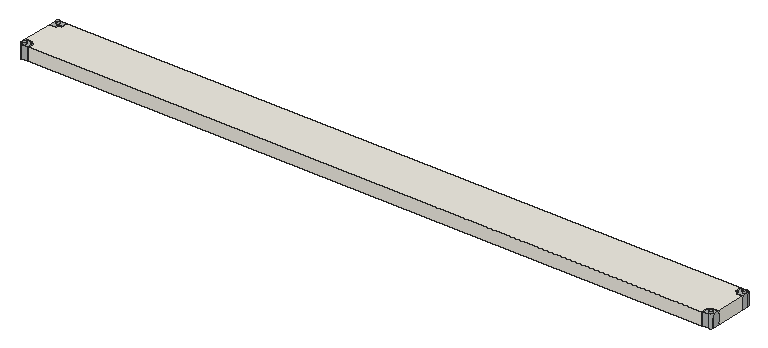
Revit family "HIGHTECH", category Осветительные приборы, Revit 2019 (continued)
Types (32, lengths in mm): name | Файл фотометрической сетки | built-in parameter 1150105 | Lumens | built-in parameter 1150106 | built-in parameter 1150142 | Wattage | Emit from Rectangle Width | Emit from Rectangle Length | Длина | Ширина | ADSK_Ток | ADSK_Полная мощность | ADSK_Обозначение | ADSK_Номинальная мощность | ADSK_Наименование | ADSK_Масса | ADSK_Код изделия
    395 0.395 0.395 0.395 0.395 0.296 0.296 0.296 0.296 0.296 0.296 0.296 0.296 0.197 \r\n0.197 0.197 0.197 0.197 0.197 0.197 0.197 0.098 0.098 0.098 0.098 0.098 0.098 0.098 0.098 0.000 0.000 0.000 0.000 \r\n1417.637 1418.229 1415.861 1411.421 1404.415 1394.746 1382.512 1367.219 1349.656 1329.626 1307.821 1283.549 1257.403 1229.579 1199.782 1168.209 1135.155 1100.523 \r\n1064.708 1027.609 989.425 950.057 909.998 868.855 827.317 784.989 742.365 699.347 655.538 611.928 568.021 523.622 480.110 436.006 392.100 348.884 306.556 265.017 224.860 185.591 \r\n146.026 110.605 77.157 45.781 17.464 0.592 0.592 0.493 0.493 0.493 0.493 0.493 0.493 0.493 0.493 0.395 0.395 0.395 0.395 0.395 0.395 0.395 0.395 0.296 0.296 0.296 0.296 0.296 0.296 0.296 0.296 0.197 \r\n0.197 0.197 0.197 0.197 0.197 0.197 0.197 0.098 0.098 0.098 0.098 0.098 0.098 0.098 0.098 0.000 0.000 0.000 0.000 \r\n1417.637 1418.130 1415.762 1411.223 1404.218 1394.450 1382.216 1366.824 1349.261 1329.231 1307.427 1283.056 1256.910 1228.987 1199.190 1167.616 1134.563 1099.833 \r\n1064.016 1026.918 988.833 949.367 909.308 868.165 826.625 784.298 741.674 698.656 654.946 611.336 567.430 523.030 479.518 435.414 391.606 348.391 306.063 264.623 224.465 185.196 \r\n145.730 110.309 76.861 45.485 17.266 0.592 0.592 0.493 0.493 0.493 0.493 0.493 0.493 0.493 0.493 0.395 0.395 0.395 0.395 0.395 0.395 0.395 0.395 0.296 0.296 0.296 0.296 0.296 0.296 0.296 0.296 0.197 \r\n0.197 0.197 0.197 0.197 0.197 0.197 0.197 0.098 0.098 0.098 0.098 0.098 0.098 0.098 0.098 0.000 0.000 0.000 0.000 \r\n1417.637 1418.130 1415.565 1411.026 1403.922 1394.154 1381.919 1366.527 1348.866 1328.837 1306.933 1282.563 1256.416 1228.494 1198.597 1167.024 1133.873 1099.241 \r\n1063.425 1026.228 988.143 948.676 908.519 867.474 825.935 783.608 740.983 698.064 654.256 610.646 566.739 522.438 478.926 434.822 391.014 347.897 305.569 264.229 224.072 184.901 \r\n145.434 110.013 76.565 45.288 17.069 0.592 0.592 0.493 0.493 0.493 0.493 0.493 0.493 0.493 0.493 0.395 0.395 0.395 0.395 0.395 0.395 0.395 0.395 0.296 0.296 0.296 0.296 0.296 0.296 0.296 0.296 0.197 \r\n0.197 0.197 0.197 0.197 0.197 0.197 0.197 0.098 0.098 0.098 0.098 0.098 0.098 0.098 0.098 0.000 0.000 0.000 0.000 \r\n1417.637 1418.031 1415.466 1410.928 1403.725 1393.858 1381.524 1366.133 1348.472 1328.443 1306.440 1282.070 1255.824 1227.901 1198.006 1166.433 1133.280 1098.550 \r\n1062.735 1025.537 987.451 947.887 907.829 866.784 825.244 782.916 740.293 697.373 653.565 610.053 566.147 521.747 478.334 434.328 390.521 347.404 305.175 263.735 223.677 184.506 \r\n145.039 109.717 76.368 44.992 16.871 0.592 0.592 0.493 0.493 0.493 0.493 0.493 0.493 0.493 0.493 0.395 0.395 0.395 0.395 0.395 0.395 0.395 0.395 0.296 0.296 0.296 0.296 0.296 0.296 0.296 0.296 0.197 \r\n0.197 0.197 0.197 0.197 0.197 0.197 0.197 0.098 0.098 0.098 0.098 0.098 0.098 0.098 0.098 0.000 0.000 0.000 0.000 \r\n1417.637 1418.031 1415.368 1410.730 1403.527 1393.562 1381.229 1365.738 1348.077 1327.949 1306.045 1281.575 1255.331 1227.310 1197.414 1165.841 1132.689 1097.958 \r\n1062.043 1024.846 986.761 947.196 907.137 866.092 824.554 782.226 739.602 696.683 652.973 609.363 565.456 521.155 477.742 433.737 390.028 346.910 304.681 263.341 223.282 184.111 \r\n144.743 109.421 76.072 44.794 16.576 0.592 0.592 0.493 0.493 0.493 0.493 0.493 0.493 0.493 0.493 0.395 0.395 0.395 0.395 0.395 0.395 0.395 0.395 0.296 0.296 0.296 0.296 0.296 0.296 0.296 0.296 0.197 \r\n0.197 0.197 0.197 0.197 0.197 0.197 0.197 0.098 0.098 0.098 0.098 0.098 0.098 0.098 0.098 0.000 0.000 0.000 0.000 \r\n1417.637 1417.932 1415.268 1410.533 1403.232 1393.365 1380.933 1365.443 1347.682 1327.555 1305.552 1281.082 1254.837 1226.816 1196.821 1165.150 1131.998 1097.267 \r\n1061.452 1024.254 986.070 946.506 906.447 865.401 823.863 781.535 738.912 695.991 652.282 608.672 564.864 520.563 477.150 433.145 389.436 346.417 304.287 262.946 222.887 183.815 \r\n144.448 109.125 75.874 44.597 16.378 0.592 0.592 0.493 0.493 0.493 0.493 0.493 0.493 0.493 0.493 0.395 0.395 0.395 0.395 0.395 0.395 0.395 0.395 0.296 0.296 0.296 0.296 0.296 0.296 0.296 0.296 0.197 \r\n0.197 0.197 0.197 0.197 0.197 0.197 0.197 0.098 0.098 0.098 0.098 0.098 0.098 0.098 0.098 0.000 0.000 0.000 0.000 \r\n1417.637 1417.932 1415.170 1410.434 1403.034 1393.069 1380.636 1365.048 1347.287 1327.160 1305.157 1280.589 1254.344 1226.225 1196.230 1164.558 1131.406 1096.675 \r\n1060.761 1023.564 985.380 945.815 905.756 864.613 823.173 780.845 738.221 695.301 651.592 608.080 564.174 519.971 476.558 432.652 388.943 345.924 303.794 262.453 222.492 183.420 \r\n144.151 108.829 75.579 44.301 16.181 0.592 0.592 0.493 0.493 0.493 0.493 0.493 0.493 0.493 0.493 0.395 0.395 0.395 0.395 0.395 0.395 0.395 0.395 0.296 0.296 0.296 0.296 0.296 0.296 0.296 0.296 0.197 \r\n0.197 0.197 0.197 0.197 0.197 0.197 0.197 0.098 0.098 0.098 0.098 0.098 0.098 0.098 0.098 0.000 0.000 0.000 0.000 \r\n1417.637 1417.834 1415.071 1410.237 1402.837 1392.772 1380.243 1364.653 1346.892 1326.765 1304.664 1280.096 1253.752 1225.730 1195.638 1163.965 1130.814 1095.984 \r\n1060.071 1022.873 984.689 945.124 905.066 863.922 822.482 780.154 737.531 694.610 651.000 607.390 563.581 519.379 475.966 432.059 388.350 345.431 303.300 262.058 222.098 183.026 \r\n143.757 108.533 75.282 44.104 15.983 0.592 0.592 0.493 0.493 0.493 0.493 0.493 0.493 0.493 0.493 0.395 0.395 0.395 0.395 0.395 0.395 0.395 0.395 0.296 0.296 0.296 0.296 0.296 0.296 0.296 0.296 0.197 \r\n0.197 0.197 0.197 0.197 0.197 0.197 0.197 0.098 0.098 0.098 0.098 0.098 0.098 0.098 0.098 0.000 0.000 0.000 0.000 \r\n1417.637 1417.834 1414.973 1410.138 1402.541 1392.477 1379.946 1364.258 1346.499 1326.272 1304.171 1279.603 1253.259 1225.139 1195.045 1163.374 1130.123 1095.393 \r\n1059.478 1022.183 983.999 944.433 904.375 863.231 821.792 779.464 736.840 693.920 650.309 606.699 562.891 518.787 475.374 431.566 387.857 344.937 302.906 261.663 221.703 182.730 \r\n143.461 108.237 75.085 43.906 15.688 0.592 0.592 0.493 0.493 0.493 0.493 0.493 0.493 0.493 0.493 0.395 0.395 0.395 0.395 0.395 0.395 0.395 0.395 0.296 0.296 0.296 0.296 0.296 0.296 0.296 0.296 0.197 \r\n0.197 0.197 0.197 0.197 0.197 0.197 0.197 0.098 0.098 0.098 0.098 0.098 0.098 0.098 0.098 0.000 0.000 0.000 0.000 \r\n1417.637 1417.736 1414.874 1409.940 1402.344 1392.181 1379.650 1363.962 1346.104 1325.877 1303.776 1279.109 1252.766 1224.547 1194.454 1162.782 1129.531 1094.702 \r\n1058.788 1021.492 983.308 943.742 903.684 862.540 821.100 778.773 736.148 693.327 649.618 606.107 562.298 518.096 474.782 430.974 387.364 344.444 302.412 261.170 221.308 182.335 \r\n143.165 108.040 74.789 43.611 15.490 0.592 0.592 0.493 0.493 0.493 0.493 0.493 0.493 0.493 0.493 0.395 0.395 0.395 0.395 0.395 0.395 0.395 0.395 0.296 0.296 0.296 0.296 0.296 0.296 0.296 0.296 0.197 \r\n0.197 0.197 0.197 0.197 0.197 0.197 0.197 0.098 0.098 0.098 0.098 0.098 0.098 0.098 0.098 0.000 0.000 0.000 0.000 \r\n1417.637 1417.736 1414.775 1409.743 1402.146 1391.984 1379.355 1363.568 1345.709 1325.482 1303.283 1278.616 1252.272 1224.054 1193.862 1162.091 1128.940 1094.110 \r\n1058.097 1020.801 982.617 943.052 902.994 861.850 820.410 778.082 735.458 692.637 649.027 605.416 561.608 517.504 474.190 430.383 386.772 343.951 301.918 260.775 220.913 181.941 \r\n142.770 107.743 74.592 43.413 15.293 0.592 0.592 0.493 0.493 0.493 0.493 0.493 0.493 0.493 0.493 0.395 0.395 0.395 0.395 0.395 0.395 0.395 0.395 0.296 0.296 0.296 0.296 0.296 0.296 0.296 0.296 0.197 \r\n0.197 0.197 0.197 0.197 0.197 0.197 0.197 0.098 0.098 0.098 0.098 0.098 0.098 0.098 0.098 0.000 0.000 0.000 0.000 \r\n1417.637 1417.637 1414.677 1409.645 1401.851 1391.688 1378.960 1363.173 1345.314 1325.088 1302.790 1278.123 1251.680 1223.461 1193.269 1161.499 1128.249 1093.518 \r\n1057.406 1020.110 981.926 942.361 902.204 861.159 819.719 777.391 734.867 691.946 648.335 604.726 561.017 516.913 473.598 429.888 386.279 343.458 301.524 260.380 220.519 181.644 \r\n142.474 107.448 74.296 43.216 15.096 0.592 0.592 0.493 0.493 0.493 0.493 0.493 0.493 0.493 0.493 0.395 0.395 0.395 0.395 0.395 0.395 0.395 0.395 0.296 0.296 0.296 0.296 0.296 0.296 0.296 0.296 0.197 \r\n0.197 0.197 0.197 0.197 0.197 0.197 0.197 0.098 0.098 0.098 0.098 0.098 0.098 0.098 0.098 0.000 0.000 0.000 0.000 \r\n1417.637 1417.637 1414.578 1409.447 1401.653 1391.391 1378.663 1362.877 1344.920 1324.693 1302.395 1277.630 1251.187 1222.968 1192.678 1160.908 1127.657 1092.827 \r\n1056.814 1019.419 981.236 941.671 901.514 860.369 819.028 776.701 734.175 691.256 647.645 604.133 560.326 516.320 473.006 429.297 385.785 342.963 301.030 259.887 220.125 181.249 \r\n142.178 107.152 74.099 42.920 14.800 0.592 0.592 0.493 0.493 0.493 0.493 0.493 0.493 0.493 0.493 0.395 0.395 0.395 0.395 0.395 0.395 0.395 0.395 0.296 0.296 0.296 0.296 0.296 0.296 0.296 0.296 0.197 \r\n0.197 0.197 0.197 0.197 0.197 0.197 0.197 0.098 0.098 0.098 0.098 0.098 0.098 0.098 0.098 0.000 0.000 0.000 0.000 \r\n1417.637 1417.538 1414.480 1409.250 1401.456 1391.096 1378.367 1362.482 1344.525 1324.200 1301.902 1277.136 1250.693 1222.376 1192.184 1160.315 1127.064 1092.235 \r\n1056.124 1018.828 980.545 940.980 900.823 859.679 818.338 776.010 733.485 690.565 647.054 603.443 559.734 515.728 472.414 428.705 385.193 342.470 300.537 259.492 219.730 180.856 \r\n141.882 106.855 73.802 42.723 14.602 0.592 0.592 0.493 0.493 0.493 0.493 0.493 0.493 0.493 0.493 0.395 0.395 0.395 0.395 0.395 0.395 0.395 0.395 0.296 0.296 0.296 0.296 0.296 0.296 0.296 0.296 0.197 \r\n0.197 0.197 0.197 0.197 0.197 0.197 0.197 0.098 0.098 0.098 0.098 0.098 0.098 0.098 0.098 0.000 0.000 0.000 0.000 \r\n1417.637 1417.538 1414.380 1409.152 1401.258 1390.898 1378.072 1362.087 1344.130 1323.805 1301.408 1276.643 1250.200 1221.784 1191.593 1159.625 1126.374 1091.545 \r\n1055.433 1018.137 979.855 940.290 900.133 858.988 817.647 775.221 732.794 689.875 646.362 602.851 559.043 515.137 471.822 428.212 384.700 341.977 300.142 259.097 219.335 180.559 \r\n141.487 106.560 73.506 42.525 14.405 0.592 0.592 0.493 0.493 0.493 0.493 0.493 0.493 0.493 0.493 0.395 0.395 0.395 0.395 0.395 0.395 0.395 0.395 0.296 0.296 0.296 0.296 0.296 0.296 0.296 0.296 0.197 \r\n0.197 0.197 0.197 0.197 0.197 0.197 0.197 0.098 0.098 0.098 0.098 0.098 0.098 0.098 0.098 0.000 0.000 0.000 0.000 \r\n1417.637 1417.439 1414.282 1408.954 1400.963 1390.603 1377.677 1361.792 1343.735 1323.410 1301.014 1276.149 1249.608 1221.291 1191.000 1159.032 1125.782 1090.953 \r\n1054.841 1017.446 979.164 939.500 899.442 858.298 816.957 774.530 732.103 689.184 645.672 602.160 558.451 514.446 471.230 427.619 384.108 341.484 299.649 258.604 218.940 180.165 \r\n141.191 106.264 73.309 42.229 14.208 0.592 0.592 0.493 0.493 0.493 0.493 0.493 0.493 0.493 0.493 0.395 0.395 0.395 0.395 0.395 0.395 0.395 0.395 0.296 0.296 0.296 0.296 0.296 0.296 0.296 0.296 0.197 \r\n0.197 0.197 0.197 0.197 0.197 0.197 0.197 0.098 0.098 0.098 0.098 0.098 0.098 0.098 0.098 0.000 0.000 0.000 0.000 \r\n1417.637 1417.439 1414.183 1408.855 1400.765 1390.306 1377.381 1361.397 1343.341 1323.015 1300.520 1275.656 1249.114 1220.699 1190.408 1158.440 1125.190 1090.262 \r\n1054.151 1016.755 978.473 938.809 898.750 857.607 816.266 773.839 731.413 688.592 645.080 601.469 557.859 513.854 470.638 427.126 383.615 340.990 299.254 258.209 218.546 179.770 \r\n140.896 105.967 73.013 42.031 13.912 0.592 0.592 0.493 0.493 0.493 0.493 0.493 0.493 0.493 0.493 0.395 0.395 0.395 0.395 0.395 0.395 0.395 0.395 0.296 0.296 0.296 0.296 0.296 0.296 0.296 0.296 0.197 \r\n0.197 0.197 0.197 0.197 0.197 0.197 0.197 0.098 0.098 0.098 0.098 0.098 0.098 0.098 0.098 0.000 0.000 0.000 0.000 \r\n1417.637 1417.341 1414.085 1408.658 1400.568 1390.010 1377.085 1361.002 1342.947 1322.522 1300.026 1275.261 1248.621 1220.205 1189.817 1157.849 1124.598 1089.670 \r\n1053.460 1016.065 977.881 938.119 898.060 856.917 815.575 773.149 730.722 687.901 644.390 600.877 557.168 513.262 470.046 426.534 383.121 340.497 298.761 257.814 218.151 179.473 \r\n140.501 105.672 72.816 41.835 13.714 0.592 0.592 0.493 0.493 0.493 0.493 0.493 0.493 0.493 0.493 0.395 0.395 0.395 0.395 0.395 0.395 0.395 0.395 0.296 0.296 0.296 0.296 0.296 0.296 0.296 0.296 0.197 \r\n0.197 0.197 0.197 0.197 0.197 0.197 0.197 0.098 0.098 0.098 0.098 0.098 0.098 0.098 0.098 0.000 0.000 0.000 0.000 \r\n1417.637 1417.341 1413.986 1408.461 1400.271 1389.715 1376.789 1360.608 1342.552 1322.128 1299.632 1274.768 1248.128 1219.614 1189.224 1157.256 1123.907 1088.980 \r\n1052.868 1015.374 977.191 937.428 897.369 856.127 814.884 772.458 730.032 687.211 643.698 600.187 556.577 512.670 469.454 425.942 382.529 340.004 298.268 257.321 217.756 179.080 \r\n140.204 105.376 72.520 41.538 13.517 0.592 0.592 0.493 0.493 0.493 0.493 0.493 0.493 0.493 0.493 0.395 0.395 0.395 0.395 0.395 0.395 0.395 0.395 0.296 0.296 0.296 0.296 0.296 0.296 0.296 0.296 0.197 \r\n0.197 0.197 0.197 0.197 0.197 0.197 0.197 0.098 0.098 0.098 0.098 0.098 0.098 0.098 0.098 0.000 0.000 0.000 0.000 \r\n1417.637 1417.242 1413.789 1408.362 1400.075 1389.517 1376.394 1360.311 1342.157 1321.733 1299.138 1274.274 1247.536 1219.022 1188.632 1156.566 1123.315 1088.388 \r\n1052.177 1014.684 976.500 936.738 896.581 855.436 814.194 771.768 729.341 686.519 643.107 599.496 555.885 512.078 468.862 425.449 382.035 339.511 297.873 256.926 217.362 178.685 \r\n139.909 105.079 72.223 41.341 13.221 0.592 0.592 0.493 0.493 0.493 0.493 0.493 0.493 0.493 0.493 0.395 0.395 0.395 0.395 0.395 0.395 0.395 0.395 0.296 0.296 0.296 0.296 0.296 0.296 0.296 0.296 0.197 \r\n0.197 0.197 0.197 0.197 0.197 0.197 0.197 0.098 0.098 0.098 0.098 0.098 0.098 0.098 0.098 0.000 0.000 0.000 0.000 \r\n1417.637 1417.242 1413.690 1408.165 1399.877 1389.220 1376.098 1359.917 1341.762 1321.339 1298.645 1273.781 1247.043 1218.528 1188.041 1155.974 1122.723 1087.697 \r\n1051.487 1013.993 975.810 936.046 895.889 854.746 813.503 771.077 728.650 685.829 642.416 598.904 555.294 511.486 468.270 424.857 381.542 339.018 297.380 256.533 216.967 178.389 \r\n139.613 104.882 72.026 41.143 13.024 0.592 0.592 0.493 0.493 0.493 0.493 0.493 0.493 0.493 0.493 0.395 0.395 0.395 0.395 0.395 0.395 0.395 0.395 0.296 0.296 0.296 0.296 0.296 0.296 0.296 0.296 0.197 \r\n0.197 0.197 0.197 0.197 0.197 0.197 0.197 0.098 0.098 0.098 0.098 0.098 0.098 0.098 0.098 0.000 0.000 0.000 0.000 \r\n1417.637 1417.143 1413.592 1407.967 1399.580 1388.925 1375.803 1359.523 1341.367 1320.845 1298.250 1273.288 1246.550 1217.936 1187.448 1155.382 1122.032 1087.105 \r\n1050.894 1013.401 975.119 935.356 895.199 854.055 812.813 770.386 727.959 685.138 641.725 598.213 554.603 510.795 467.678 424.265 380.951 338.524 296.887 256.038 216.573 177.994 \r\n139.218 104.586 71.730 40.848 12.826 0.592 0.592 0.493 0.493 0.493 0.493 0.493 0.493 0.493 0.493 0.395 0.395 0.395 0.395 0.395 0.395 0.395 0.395 0.296 0.296 0.296 0.296 0.296 0.296 0.296 0.296 0.197 \r\n0.197 0.197 0.197 0.197 0.197 0.197 0.197 0.098 0.098 0.098 0.098 0.098 0.098 0.098 0.098 0.000 0.000 0.000 0.000 \r\n1417.637 1417.143 1413.492 1407.869 1399.383 1388.629 1375.506 1359.226 1340.973 1320.451 1297.757 1272.795 1246.056 1217.443 1186.856 1154.790 1121.441 1086.414 \r\n1050.204 1012.711 974.428 934.665 894.508 853.365 812.122 769.695 727.269 684.448 641.134 597.523 554.011 510.203 467.086 423.772 380.457 338.031 296.492 255.645 216.178 177.599 \r\n138.922 104.291 71.533 40.650 12.629 0.592 0.592 0.592 0.493 0.493 0.493 0.493 0.493 0.493 0.493 0.395 0.395 0.395 0.395 0.395 0.395 0.395 0.395 0.296 0.296 0.296 0.296 0.296 0.296 0.296 0.296 0.197 \r\n0.197 0.197 0.197 0.197 0.197 0.197 0.197 0.098 0.098 0.098 0.098 0.098 0.098 0.098 0.098 0.000 0.000 0.000 0.000 \r\n1417.637 1417.044 1413.394 1407.671 1399.187 1388.333 1375.111 1358.832 1340.578 1320.056 1297.264 1272.301 1245.464 1216.851 1186.264 1154.099 1120.849 1085.822 \r\n1049.513 1012.020 973.737 933.975 893.818 852.575 811.432 769.004 726.578 683.855 640.443 596.930 553.321 509.611 466.494 423.180 379.964 337.537 295.999 255.250 215.783 177.304 \r\n138.626 103.994 71.237 40.453 12.333 0.592 0.592 0.592 0.493 0.493 0.493 0.493 0.493 0.493 0.493 0.395 0.395 0.395 0.395 0.395 0.395 0.395 0.395 0.296 0.296 0.296 0.296 0.296 0.296 0.296 0.296 0.197 \r\n0.197 0.197 0.197 0.197 0.197 0.197 0.197 0.098 0.09
